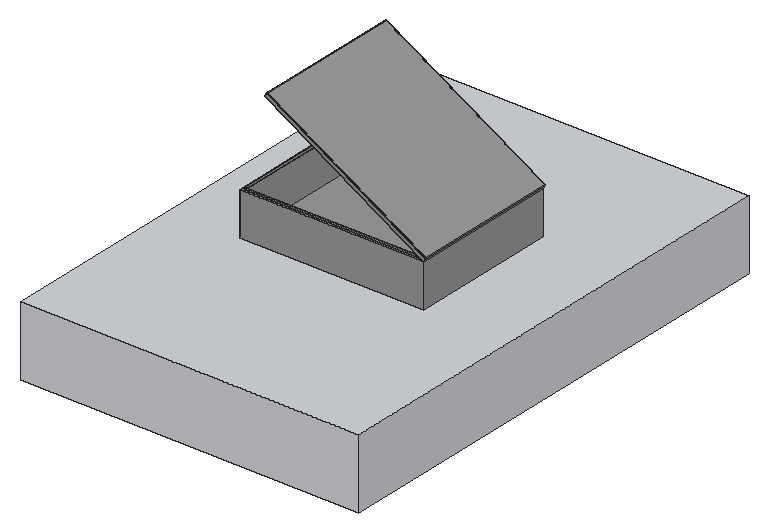
Revit family "Hager-Univers-IP44-D205-H650-Cl.I-encl-NL-en", category Equipement électrique, Revit 2020
Family settings
  Hôte = Face
  Configuration du panneau = Deux colonnes, circuits au sein
  Cote de connecteur circulaire = Utiliser le diamètre
  Type d'élément = Tableau de raccordement
  Couper avec des vides une fois chargée = Non
  Partagée = Non
  Point de calcul de pièce = Non
Parameters (values of type "Surface mounted (plaster) IP44 W800 H650 D205  - FP43QT")
  Width Control [instance] = if([EF000008 - Width] > Min Width, [EF000008 - Width], Min Width)  # 800 mm
  Commentaires du type = [HG000003 - Range]  # "Univers"
  Thickness Door [instance] = if([EF009171 - Material plate thickness door/cover] > 3 mm, 3 mm, [EF009171 - Material plate thickness door/cover])  # 1 mm
  Seal Frame Offset [instance] = 17 mm  # constant formula
  Plinth Visibility [instance] = [HG000027 - Plinth height] > 0 mm  # no
  Model = ""
  Min Width [instance] = 100 mm  # constant formula
  Min Height [instance] = 100 mm  # constant formula
  Min Depth [instance] = (2 * [EF009170 - Material plate thickness cabinet]) + 1 mm  # 3 mm
  Internal Frame Depth [instance] = (Door System Depth * 0.5)  # 9 mm
  Height Control [instance] = if([EF000040 - Height] > Min Height, [EF000040 - Height], Min Height)  # 650 mm
  HG000027 - Plinth height = 0 mm
  HG000026 - Floor standing = no
  HG000024 - Bottom section height = 800 mm
  HG000023 - Double section enclosure = no
  HG000016 - Door 3d visibility [instance] = yes
  HG000015 - Clearance visibility [instance] = no
  HG000014 - Door on the right [instance] = yes
  HG000013 - Door on the left [instance] = not([HG000014 - Door on the right])  # no
  HG000012 - Door swing angle [instance] = 30.00°
  HG000010 - Asymmetric doors = no
  HG000009 - Double swing door = no
  HG000006 - Flush mounted = no
  HG000004 - Manufacturer reference = "FP43QT"
  HG000003 - Range = "Univers"
  HG000002 - With door or cover = yes
  Frame Offset Bottom [instance] = 10 mm  # constant formula
  Frame Offset [instance] = 15 mm  # constant formula
  EF015940 - Cover with overpressure release = no
  EF011959 - Degree of protection (NEMA) = ""
  EF009554 - Number of openings for flange plates = 6
  EF009212 - Cover model = "EV000116 - Closed"
  EF009171 - Material plate thickness door/cover = 1 mm
  EF009170 - Material plate thickness cabinet = 1 mm
  Fabricant = "Hager"  # constant formula
  EF008873 - Nominal current (In) = 250 A
  EF007800 - Suitable for lightning protection = no
  EF006306 - With lock = no
  EF006244 - Transparent cover/door = no
  EF005474 - Degree of protection (IP) = "EV006418 - IP44"
  EF004464 - Type of door = "EV002646 - Single"
  EF004427 - Number of modules = 144
  EF004293 - Impact strength = "EV006815 - IK09"
  EF003532 - Suitable for outdoor use = no
  EF002950 - Width in number of modular spacings = 36
  EF001613 - Circuit integrity = "EV000494 - None"
  EF001596 - Material housing = "EV000179 - Steel"
  EF001131 - Internal depth = 205 mm
  EF001088 - Extension possible = yes
  EF000437 - Number of conduit inlets = 6
  EF000339 - Type of cover = "EV001012 - Cover"
  EF000266 - Number of rows = 4
  EF000218 - Built-in depth = 0 mm
  EF000118 - With mounting plate = no
  EF000116 - RAL-number = "9010"
  EF000049 - Depth = 205 mm
  EF000040 - Height = 650 mm
  EF000008 - Width = 800 mm
  EF000007 - Colour = "EV000202 - White"
  EF000003 - Mounting method = "EV000384 - Surface mounted (plaster)"
  Door System Leaf Tolerance [instance] = 1.5 mm  # constant formula
  Door System Depth [instance] = 18 mm  # constant formula
  Door Height [instance] = Height Control - [HG000027 - Plinth height]  # 650 mm
  Depth Control [instance] = if([EF000049 - Depth] > Min Depth, [EF000049 - Depth], Min Depth)  # 205 mm
  Default Elevation = 0 mm
  Connector Offset [instance] = Height Control / 2  # 325 mm
  Bottom Top Plate Trim [instance] = 1.5 mm  # constant formula
  Plinth height Ctrl [instance] = if([HG000027 - Plinth height] > 0 mm, [HG000027 - Plinth height], 12 mm)  # 12 mm
Types (4, lengths in mm): name | Width Control | HG000004 - Manufacturer reference | EF009554 - Number of openings for flange plates | EF004464 - Type of door | EF004427 - Number of modules | EF002950 - Width in number of modular spacings | EF000437 - Number of conduit inlets | EF000008 - Width
  Surface mounted (plaster) IP44 W1300 H650 D205  - FP45QT | 1300 | "FP45QT" | 10 | "EV003602 - Double" | 240 | 60 | 10 | 1300
  Surface mounted (plaster) IP44 W300 H650 D205  - FP41QT | 300 | "FP41QT" | 2 | "EV002646 - Single" | 48 | 12 | 2 | 300
  Surface mounted (plaster) IP44 W550 H650 D205  - FP42QT | 550 | "FP42QT" | 4 | "EV002646 - Single" | 96 | 24 | 4 | 550
  Surface mounted (plaster) IP44 W800 H650 D205  - FP43QT | 800 | "FP43QT" | 6 | "EV002646 - Single" | 144 | 36 | 6 | 800
Reference planes
  plane 1 "Center (Front/Back)": y = 0
  plane 2: z = 0
  plane 3 "Center (Left/Right)": x = 0
  plane 4: z = 205
  plane 5: y = 1
  plane 6: y = 325
  plane 7: y = 0
  plane 8: y = 650
  plane 9: z = 0
  plane 10: x = -385
  plane 11: x = 385
  plane 12: x = 384
  plane 13: x = -384
  plane 14: y = 649
  plane 15: x = -383
  plane 16: x = -400
  plane 17: x = 383
  plane 18: x = 400
  plane 19: x = 399
  plane 20: x = -399
  plane 21: y = 11
  plane 22: y = 650
  plane 23: y = 634
  plane 24: z = 187
  plane 25: z = 1
  plane 26: z = 186
  plane 27: z = 204
Forms (mm)
  Extrusion 1, solid
    sketch origin (0, 0, 0) x (1, 0, 0) y (0, 1, 0)
      loop
        line (-702.964, 1305) -> (-702.964, -811.445) -> (766.763, -811.445) -> (766.763, 1305) -> (-702.964, 1305)
    from 0 to -304.8
  Extrusion 2, solid, material "Hager_Steel_RAL7035_Light_Grey", visible <- "Plinth Visibility", detail levels medium+fine
    sketch origin (0, 0, 0) x (1, 0, 0) y (0, 1, 0)
      loop
        line (-400, 0) -> (400, 0) -> (400, 12) -> (-400, 12) -> (-400, 0)
    from 0 to 187
  Extrusion 3, solid, material "Hager_Steel_RAL7035_Light_Grey", detail levels medium+fine
    sketch origin (0, 0, 0) x (1, 0, 0) y (0, 1, 0)
      loop
        line (-400, 0) -> (400, 0) -> (400, 650) -> (-400, 650) -> (-400, 0)
    from 0 to 187
  Extrusion 4, void
    sketch origin (0, 0, 0) x (1, 0, 0) y (0, 1, 0)
      loop
        line (-399, 1) -> (399, 1) -> (399, 649) -> (-399, 649) -> (-399, 1)
    from 1 to 186
  Extrusion 5, void
    sketch origin (-381.607, -4572, 187) x (0, -1, 0) y (-1, 0, 0)
      loop
        line (-4583, 2.393) -> (-5206, 2.393) -> (-5206, -765.607) -> (-4583, -765.607) -> (-4583, 2.393)
    from 0 to 1 <- "EF009170 - Material plate thickness cabinet"
  Extrusion 6, solid, material "Hager_Steel_RAL7035_Light_Grey", detail levels fine
    sketch origin (0, 0, 187) x (1, 0, 0) y (0, 1, 0)
      loop
        line (-384, 634) -> (-384, 11) -> (384, 11) -> (384, 634) -> (-384, 634)
      loop
        line (-385, 10) -> (385, 10) -> (385, 635) -> (-385, 635) -> (-385, 10)
    from 0 to 9 <- "Internal Frame Depth"
  Extrusion 7, solid, material "Hager_Steel_RAL7035_Light_Grey", detail levels coarse
    sketch origin (0, 0, 0) x (1, 0, 0) y (0, 1, 0)
      loop
        line (-400, 0) -> (400, 0) -> (400, 650) -> (-400, 650) -> (-400, 0)
    from 0 to 205
  Sweep 8, void
    path in 3D
      loop
        line (-400, 12, 0) -> (400, 12, 0) -> (400, 12, 187) -> (-400, 12, 187) -> (-400, 12, 0)
    profile origin (-400, 12, 93.5) x (-1, 0, 0) y (0, -1, 0)
      loop
        line (0, 0) -> (0, 1.5) -> (-1.5, 1.5)
        arc (-1.5, 1.5) -> (-1.061, 0.439) -> (0, 0) r 1.5
Cuts and joins
  Extrusion 4, Extrusion 5 cuts Extrusion 3
  Sweep 8 cuts Extrusion 2
Lines and regions (mm)
  Masking region 1
    outline origin (0, 0, 0) x (1, 0, 0) y (0, 0, 1)
      loop
        line (-400, 205) -> (-400, 0) -> (400, 0) -> (400, 205) -> (-400, 205)
  Masking region 2, detail levels medium+fine
    outline origin (0, 140, 0) x (0, 1, 0) y (0, 0, 1)
      loop
        line (-140, 0) -> (510, 0) -> (510, 187) -> (-140, 187) -> (-140, 0)
  Masking region 3, not visible, detail levels medium+fine
    outline origin (0, 297.922, 0) x (0, 1, 0) y (0, 0, 1)
      loop
        line (38.578, 0) -> (78.578, 0) -> (78.578, 194)
        arc (78.578, 194) -> (75.649, 201.071) -> (68.578, 204) r 10
        line (68.578, 204) -> (38.578, 204) -> (38.578, 0)
  Masking region 4, detail levels coarse
    outline origin (0, 0, 180) x (0, 1, 0) y (0, 0, 1)
      loop
        line (0, -180) -> (650, -180) -> (650, 25) -> (0, 25) -> (0, -180)
  Masking region 5, visible <- "Plinth Visibility", detail levels medium+fine
    outline origin (0, 52.24, 12.345) x (0, 0, -1) y (0, 1, 0)
      loop
        line (10.845, -40.24) -> (-173.155, -40.24)
        arc (-173.155, -40.24) -> (-173.594, -41.301) -> (-174.655, -41.74) r 1.5
        line (-174.655, -41.74) -> (-174.655, -52.24) -> (12.345, -52.24) -> (12.345, -41.74)
        arc (12.345, -41.74) -> (11.285, -41.301) -> (10.845, -40.24) r 1.5
  Masking region 6, detail levels medium+fine
    outline origin (-381.607, -4572, 187) x (-1, 0, 0) y (0, -1, 0)
      loop
        line (18.393, -5222) -> (18.393, -4572) -> (-781.607, -4572) -> (-781.607, -5222) -> (18.393, -5222)
  Masking region 7, visible <- "Plinth Visibility", detail levels medium+fine
    outline origin (-381.607, -4727, 187) x (-1, 0, 0) y (0, -1, 0)
      loop
        arc (16.893, -4739) -> (17.332, -4737.939) -> (18.393, -4737.5) r 1.5
        line (18.393, -4737.5) -> (18.393, -4727) -> (-781.607, -4727) -> (-781.607, -4737.5)
        arc (-781.607, -4737.5) -> (-780.546, -4737.939) -> (-780.107, -4739) r 1.5
        line (-780.107, -4739) -> (16.893, -4739)
  Masking region 8, detail levels coarse
    outline origin (-442.548, -4669.526, 187) x (-1, 0, 0) y (0, -1, 0)
      loop
        line (-42.548, -5319.526) -> (-42.548, -4669.526) -> (-842.548, -4669.526) -> (-842.548, -5319.526) -> (-42.548, -5319.526)
  sketch lines
    curve 1: line (-400, 12, 187) -> (-400, 12, 0)
    curve 2: line (400, 12, 187) -> (-400, 12, 187)
    curve 3: line (400, 12, 187) -> (400, 12, 0)
    curve 4: line (-400, 12, 0) -> (400, 12, 0)
Dimensions and locks
  "Depth Control": plane 4 to Extrusion 1
  "HG000027 - Plinth height": plane 1 "Center (Front/Back)" to plane 7
  "EF009170 - Material plate thickness cabinet": plane 5 to plane 7
  locked: connector elem to plane 3 "Center (Left/Right)"
  equal spacing: plane 8, plane 6, plane 7
  locked: connector elem to plane 6
  "EF009170 - Material plate thickness cabinet": plane 8 to plane 14
  "EF009170 - Material plate thickness cabinet": plane 10 to plane 13
  "EF009170 - Material plate thickness cabinet": plane 12 to plane 11
  "Frame Offset": plane 20 to plane 13
  "Frame Offset": plane 12 to plane 19
  "EF009170 - Material plate thickness cabinet": plane 16 to plane 20
  "EF009170 - Material plate thickness cabinet": plane 19 to plane 18
  "Seal Frame Offset": plane 16 to plane 15
  "Seal Frame Offset": plane 17 to plane 18
  "Frame Offset Bottom": plane 21 to plane 5
  "Frame Offset": plane 14 to plane 23
  equal spacing: plane 16, plane 3 "Center (Left/Right)", plane 18
  "Width Control": plane 16 to plane 18
  "EF009170 - Material plate thickness cabinet": plane 4 to plane 27
  "EF009170 - Material plate thickness cabinet": plane 24 to plane 26
  "EF009170 - Material plate thickness cabinet": plane 25 to level
  "Door System Depth": plane 4 to plane 24
  "Height Control": plane 1 "Center (Front/Back)" to Extrusion 7 sketch curve
  "Height Control": Masking region 4 sketch curve to plane 1 "Center (Front/Back)"
  "Height Control": plane 1 "Center (Front/Back)" to plane 22
  "Bottom Top Plate Trim": profile plane to Sweep 8 sketch curve
  "Bottom Top Plate Trim": Sweep 8 sketch curve to profile plane
  "Plinth height Ctrl": plane 1 "Center (Front/Back)" to Extrusion 2 sketch curve
  "Plinth height Ctrl": Masking region 5 sketch curve to plane 1 "Center (Front/Back)"
  "Plinth height Ctrl": plane 1 "Center (Front/Back)" to Masking region 7 sketch curve
  "Thickness Door": Extrusion 6 sketch curve to Extrusion 6 sketch curve  (x3)
  "Thickness Door": cut or joined group of Extrusion 3, Extrusion 4, Extrusion 5 to Extrusion 6 sketch curve
  radius of Masking region 3 sketch curve = 10 mm
  "Bottom Top Plate Trim": radius of Masking region 5 sketch curve  (x2)
  "Bottom Top Plate Trim": radius of Sweep 8 sketch curve
  "Bottom Top Plate Trim": radius of Masking region 7 sketch curve  (x2)
  aligned and locked: plane 2 to Extrusion 1
  aligned and locked: level to Extrusion 1
  aligned and locked: level to Masking region 1 sketch curve
  aligned and locked: Masking region 1 sketch curve to plane 18
  aligned and locked: Masking region 1 sketch curve to plane 16
  aligned and locked: plane 7 to Masking region 2 sketch curve
  aligned and locked: level to Masking region 3 sketch curve
  aligned and locked: Masking region 3 sketch curve to plane 27
  aligned and locked: level to Masking region 2 sketch curve
  aligned and locked: plane 1 "Center (Front/Back)" to Extrusion 2 sketch curve
  aligned and locked: Extrusion 3 sketch curve to plane 7
  aligned and locked: plane 16 to Extrusion 3 sketch curve
  aligned and locked: plane 18 to Extrusion 3 sketch curve
  aligned and locked: plane 20 to Extrusion 4 sketch curve
  aligned and locked: plane 19 to Extrusion 4 sketch curve
  aligned and locked: Extrusion 4 sketch curve to plane 5
  aligned and locked: Extrusion 4 to plane 25
  aligned and locked: plane 26 to Extrusion 4
  aligned and locked: plane 24 to Extrusion 3
  aligned and locked: Extrusion 5 sketch curve to plane 21
  aligned and locked: Extrusion 5 sketch curve to plane 13
  aligned and locked: Extrusion 5 sketch curve to plane 12
  aligned and locked: plane 18 to Extrusion 7 sketch curve
  aligned and locked: plane 1 "Center (Front/Back)" to Extrusion 7 sketch curve
  aligned and locked: plane 16 to Extrusion 7 sketch curve
  aligned and locked: plane 4 to Extrusion 7
  aligned and locked: Extrusion 7 to level
  aligned and locked: level to Masking region 4 sketch curve
  aligned and locked: Masking region 4 sketch curve to plane 1 "Center (Front/Back)"
  aligned and locked: Masking region 4 sketch curve to plane 4
  aligned and locked: nested 1 to level
  aligned and locked: nested 1 to plane 16
  aligned and locked: plane 8 to Extrusion 3 sketch curve
  aligned and locked: plane 23 to Extrusion 5 sketch curve
  aligned and locked: plane 14 to Extrusion 4 sketch curve
  aligned and locked: Masking region 2 sketch curve to plane 8
  aligned and locked: level to Masking region 5 sketch curve
  aligned and locked: plane 16 to Extrusion 2 sketch curve
  aligned and locked: plane 18 to Extrusion 2 sketch curve
  aligned and locked: Masking region 5 sketch curve to plane 24
  aligned and locked: Masking region 2 sketch curve to plane 24
  aligned and locked: plane 24 to Extrusion 2
  aligned and locked: profile plane to Sweep 8 sketch curve  (x2)
  aligned and locked: Masking region 6 sketch curve to plane 18
  aligned and locked: Masking region 6 sketch curve to plane 22
  aligned and locked: Masking region 6 sketch curve to plane 16
  aligned and locked: plane 8 to plane 22
  aligned and locked: Masking region 6 sketch curve to plane 7
  aligned and locked: Masking region 7 sketch curve to plane 16
  aligned and locked: Masking region 7 sketch curve to plane 1 "Center (Front/Back)"
  aligned and locked: Masking region 7 sketch curve to plane 18
  aligned and locked: Masking region 8 sketch curve to plane 1 "Center (Front/Back)"
  aligned and locked: Masking region 8 sketch curve to plane 18
  aligned and locked: Masking region 8 sketch curve to plane 22
  aligned and locked: Masking region 8 sketch curve to plane 16
  aligned and locked: nested 2 to plane 7
  aligned and locked: plane 3 "Center (Left/Right)" to nested 2
  aligned and locked: nested 2 to plane 24
  aligned and locked: Extrusion 6 sketch curve to cut or joined group of Extrusion 3, Extrusion 4, Extrusion 5  (x4)
Automatic sketch dimensions
  Extrusion 1 sketch curve to Extrusion 1 sketch curve = 1469.727 mm
  Extrusion 1 sketch curve to Extrusion 1 sketch curve = 2116.445 mm
  Masking region 1 sketch curve to plane 4 = 0 mm
  plane 6 to Masking region 3 sketch curve = 11.5 mm
  Masking region 3 sketch curve to Masking region 3 sketch curve = 30 mm
  Masking region 5 sketch curve to plane 1 "Center (Front/Back)" = 0 mm
Nested families
  nested 1: "Hager_Enclosure_Symbol" at (-400, 0, 0) x (1, 0, 0) z (0, -1, 0), Height <- "Depth Control", Width <- "Width Control", type "Hager_Enclosure_Symbol"
    with Width_Ctrl 800 mm, Width 800 mm, Height_Ctrl 205 mm, Height 205 mm, A_Width_Int 13.453 mm, A_Width 161.438 mm, A_Height_Ctrl 179.375 mm, A_Height 179.375 mm
  nested 2: "EC000058_Univers_Door" at (0, 0, 187) x (1, 0, 0) z (0, 1, 0), Leaf_Tolerance <- "Door System Leaf Tolerance", Angle <- "HG000012 - Door swing angle", Door_Depth <- "Door System Depth", Door_Left <- "HG000013 - Door on the left", Transparent <- "EF006244 - Transparent cover/door", Assymetrical <- "HG000010 - Asymmetric doors", Width <- "Width Control", Clearance <- "HG000015 - Clearance visibility", Double <- "HG000009 - Double swing door", 3d_Door <- "HG000016 - Door 3d visibility", Lock_Visibility <- "EF006306 - With lock", Width_Ctrl <- "Width Control", Door_Right <- "HG000014 - Door on the right", Door <- "HG000002 - With door or cover", Height <- "Door Height", Thickness <- "Thickness Door", type "EC000058_Univers_Door", detail levels medium+fine
    with min_wh 3 mm, Width_Ctrl 800 mm, Width 800 mm, Transparent no, Thickness 1 mm, Seal_Material Hager_Rubber, Lock_Visibility no, Lock_Material Hager_Plastic_RAL9005_Jet_Black, Leaf_Width 800 mm, Leaf_Tolerance_External_Sides 0 mm, Leaf_Tolerance 1.5 mm, Leaf_Offset 0 mm, Leaf_Height 647 mm, Leaf_2_Width 800 mm, Leaf_2_Offset 400 mm, Leaf_1_Width 800 mm, Leaf_1_Offset 400 mm, Height_Ctrl 650 mm, Height 650 mm, Glass_Material Hager_Glass, Double_Clearance_Ctrl no, Double no, Door_Right_Ctrl yes, Door_Right yes, Door_Material Hager_Steel_RAL7035_Light_Grey, Door_Left_Ctrl no, Door_Left no, Door_Depth 18 mm, Door yes, Clearance_Material Hager_Clearance, Clearance_Depth 800 mm, Clearance_Ctrl no, Clearance no, Assymetrical no, Angle 30.00°, 3d_Door yes
Connectors
  electrical at (0, 325, 0)
    settings: on plane 9, index 1, voltage 0 V, apparent load 0 VA, apparent load phase1 0 VA, apparent load phase2 0 VA, apparent load phase3 0 VA, power factor 1, load classification "Other", number of poles 1, system type 30, power factor state 1, is connector primary yes, connector utility no, sub classification motor no, connector description ""
Definition of nested family "EC000058_Univers_Door"
  Parameters (values of type "EC000058_Univers_Door")
    min_wh [instance] = (2 * Thickness) + 1 mm  # 11 mm
    Width_Ctrl [instance] = 400 mm
    Width [instance] = 500 mm
    Transparent [instance] = yes
    Thickness [instance] = 5 mm
    Seal_Material [instance] = none
    Lock_Visibility [instance] = yes
    Lock_Material [instance] = none
    Leaf_Width [instance] = if((Width_Ctrl - 2 * Leaf_Tolerance_External_Sides) > 0 mm, (Width_Ctrl - 2 * Leaf_Tolerance_External_Sides), min_wh)  # 400 mm
    Leaf_Tolerance_External_Sides [instance] = 0 mm  # constant formula
    Leaf_Tolerance [instance] = 1.5 mm
    Leaf_Offset [instance] = 0 mm  # constant formula
    Leaf_Height [instance] = if((Height_Ctrl - 2 * Leaf_Tolerance) > 0 mm, (Height_Ctrl - 2 * Leaf_Tolerance), min_wh)  # 497 mm
    Leaf_2_Width [instance] = if(and(and(Double, Assymetrical), Door_Left), (Leaf_Width / 3) - (Leaf_Tolerance / 2), if(and(and(Double, Assymetrical), Door_Right), (Leaf_Width / 3) * 2 - (Leaf_Tolerance / 2), if(and(Double, not(Assymetrical)), (Leaf_Width / 2) - Leaf_Tolerance, Leaf_Width)))  # 400 mm
    Leaf_2_Offset [instance] = if(and(Double, Assymetrical), Leaf_2_Width / 2, if(and(Double, not(Assymetrical)), Leaf_Width / 4, Leaf_Width / 2))  # 200 mm
    Leaf_1_Width [instance] = if(and(and(Double, Assymetrical), Door_Right), (Leaf_Width / 3) - (Leaf_Tolerance / 2), if(and(and(Double, Assymetrical), Door_Left), (Width / 3) * 2 - (Leaf_Tolerance / 2), if(and(Double, not(Assymetrical)), (Leaf_Width / 2) - Leaf_Tolerance, Leaf_Width)))  # 400 mm
    Leaf_1_Offset [instance] = if(and(Double, Assymetrical), Leaf_1_Width / 2, if(and(Double, not(Assymetrical)), Leaf_Width / 4, Leaf_Width / 2))  # 200 mm
    Height_Ctrl [instance] = if(Height > min_wh, Height, min_wh)  # 500 mm
    Height [instance] = 500 mm
    Glass_Material [instance] = none
    Double_Clearance_Ctrl [instance] = and(Double, Clearance)  # no
    Double [instance] = no
    Door_Right_Ctrl [instance] = and(or(Door_Right, Double), Door)  # yes
    Door_Right [instance] = yes
    Door_Material [instance] = none
    Door_Left_Ctrl [instance] = and(or(Door_Left, Double), Door)  # no
    Door_Left [instance] = no
    Door_Depth [instance] = 30 mm
    Door [instance] = yes
    Default Elevation = 1219.2 mm
    Clearance_Material [instance] = none
    Clearance_Depth [instance] = if(Leaf_1_Width > Leaf_2_Width, Leaf_1_Width, Leaf_2_Width)  # 400 mm
    Clearance_Ctrl [instance] = and(not(Double), Clearance)  # yes
    Clearance [instance] = yes
    Assymetrical [instance] = yes
    Angle [instance] = 30.00°
    3d_Door [instance] = yes
  Reference planes
    plane 1 "Center (Front/Back)": y = 0
    plane 2 "Bottom": z = 0
    plane 3 "Center (Left/Right)": x = 0
    plane 4: z = 500
    plane 5: x = -200
    plane 6: x = 200
    plane 7: z = 500
    plane 8: x = -200
    plane 9: z = 0
    plane 10: x = 200
    plane 11: y = 0
    plane 12: z = 1.5
    plane 13: x = -600
    plane 14: y = -400
    plane 15: x = 600
    plane 16: x = 0
    plane 17: x = 0
    plane 18: x = -200
    plane 19: x = 200
    plane 20: z = 498.5
  Forms (mm)
    Extrusion 1, solid, material <- "Clearance_Material", visible <- "Double_Clearance_Ctrl"
      sketch origin (1200, 0, 0) x (1, 0, 0) y (0, 0, -1)
        loop
          line (-1800, -498.5) -> (-600, -498.5) -> (-600, 0) -> (-1800, 0) -> (-1800, -498.5)
      from 0 to -400
  Dimensions and locks
    equal spacing: plane 5, plane 3 "Center (Left/Right)", plane 6
    "Width_Ctrl": plane 5 to plane 6
    "Leaf_Offset": plane 5 to plane 8
    "Leaf_Offset": plane 6 to plane 10
    "Leaf_Offset": plane 9 to level
    "Leaf_Offset": plane 4 to plane 7
    "Height_Ctrl": plane 4 to level
    "Leaf_Tolerance": plane 12 to plane 9
    locked: plane 11 to plane 1 "Center (Front/Back)"
    "Leaf_1_Offset": plane 18 to plane 16
    "Leaf_2_Offset": plane 17 to plane 19
    "Leaf_1_Width": plane 13 to plane 8
    "Leaf_2_Width": plane 10 to plane 15
    "Clearance_Depth": plane 14 to plane 1 "Center (Front/Back)"
    "Leaf_Tolerance_External_Sides": plane 8 to plane 18
    "Leaf_Tolerance_External_Sides": plane 19 to plane 10
    "Leaf_Tolerance": plane 7 to plane 20
    aligned and locked: level to plane 2 "Bottom"
    aligned and locked: nested 1 to plane 16
    aligned and locked: nested 2 to plane 17
    aligned and locked: Extrusion 1 to plane 13
    aligned and locked: plane 15 to Extrusion 1
    aligned and locked: Extrusion 1 to plane 14
    aligned and locked: plane 12 to nested 1
    aligned and locked: nested 2 to plane 12
    aligned and locked: Extrusion 1 to plane 11
    aligned and locked: plane 20 to Extrusion 1
    aligned and locked: nested 2 to plane 11
    aligned and locked: nested 1 to plane 11
  Automatic sketch dimensions
    Extrusion 1 sketch curve to level = 0 mm
    plane 5 to Extrusion 1 sketch curve = 400 mm
    plane 6 to Extrusion 1 sketch curve = 400 mm
    Extrusion 1 sketch curve to plane 4 = 1.5 mm
  Nested families
    nested 1: "EC000058_Univers_Door_Leaf" at (0, 0, 1.5), Width <- "Leaf_1_Width", visible <- "Door_Left_Ctrl", Leaf_Height <- "Leaf_Height", Angle <- "Angle", 3d_Door <- "3d_Door", Transparent <- "Transparent", Clearance Material <- "Clearance_Material", Clearance <- "Clearance_Ctrl", Door_Material <- "Door_Material", Glass_Material <- "Glass_Material", Door_Depth <- "Door_Depth", Lock_Material <- "Lock_Material", Seal_Material <- "Seal_Material", Lock_Visibility <- "Lock_Visibility", Thickness <- "Thickness", type "EC000058_Univers_Door_Leaf"
      with Width 400 mm, Transparent_Glass_Offset 30 mm, Transparent_Ctrl yes, Transparent yes, Thickness 5 mm, Standard no, Seal_Material none, Seal_D2 8 mm, Seal_D1 1 mm, Offset_Internal_Frame 10 mm, Lock_Width 20 mm, Lock_Visibility_3d yes, Lock_Visibility yes, Lock_Thickness_3 3 mm, Lock_Thickness_2 1 mm, Lock_Thickness_1 3 mm, Lock_Radius_Offset_2 16 mm, Lock_Radius_Offset_1 15 mm, Lock_Radius_2 5 mm, Lock_Radius 6 mm, Lock_Offset 5 mm, Lock_Material none, Lock_Height 80 mm, Lock_Cover_Top_Offset_2d 17 mm, Lock_Cover_Height -65 mm, Leaf_Height 497 mm, Internal_Seal_Thickness 8 mm, Internal_Seal_Depth_2 4.5 mm, Internal_Frame_Depth 25 mm, Glass_Thickness -1 mm, Glass_Offset -2 mm, Glass_Material none, Door_Material none, Door_Depth 30 mm, Clearance Material none, Clearance yes, Angle_Ctrl 30.00°, Angle 30.00°, 3d_Door yes
    nested 2: "EC000058_Univers_Door_Leaf" at (0, 0, 1.5) x (-1, 0, 0) z (0, 0, 1), Width <- "Leaf_2_Width", visible <- "Door_Right_Ctrl", Leaf_Height <- "Leaf_Height", Angle <- "Angle", 3d_Door <- "3d_Door", Transparent <- "Transparent", Clearance Material <- "Clearance_Material", Clearance <- "Clearance_Ctrl", Door_Material <- "Door_Material", Glass_Material <- "Glass_Material", Door_Depth <- "Door_Depth", Lock_Material <- "Lock_Material", Seal_Material <- "Seal_Material", Lock_Visibility <- "Lock_Visibility", Thickness <- "Thickness", type "EC000058_Univers_Door_Leaf"
      with Width 400 mm, Transparent_Glass_Offset 30 mm, Transparent_Ctrl yes, Transparent yes, Thickness 5 mm, Standard no, Seal_Material none, Seal_D2 8 mm, Seal_D1 1 mm, Offset_Internal_Frame 10 mm, Lock_Width 20 mm, Lock_Visibility_3d yes, Lock_Visibility yes, Lock_Thickness_3 3 mm, Lock_Thickness_2 1 mm, Lock_Thickness_1 3 mm, Lock_Radius_Offset_2 16 mm, Lock_Radius_Offset_1 15 mm, Lock_Radius_2 5 mm, Lock_Radius 6 mm, Lock_Offset 5 mm, Lock_Material none, Lock_Height 80 mm, Lock_Cover_Top_Offset_2d 17 mm, Lock_Cover_Height -65 mm, Leaf_Height 497 mm, Internal_Seal_Thickness 8 mm, Internal_Seal_Depth_2 4.5 mm, Internal_Frame_Depth 25 mm, Glass_Thickness -1 mm, Glass_Offset -2 mm, Glass_Material none, Door_Material none, Door_Depth 30 mm, Clearance Material none, Clearance yes, Angle_Ctrl 30.00°, Angle 30.00°, 3d_Door yes
  Definition of nested family "EC000058_Univers_Door_Leaf"
    Parameters (values of type "EC000058_Univers_Door_Leaf")
      Width [instance] = 2000 mm
      Transparent_Glass_Offset [instance] = 30 mm
      Transparent_Ctrl [instance] = and(Transparent, [3d_Door])  # yes
      Transparent [instance] = yes
      Thickness [instance] = 5 mm
      Standard [instance] = and(not(Transparent), [3d_Door])  # no
      Seal_Material [instance] = none
      Seal_D2 [instance] = 8 mm  # constant formula
      Seal_D1 [instance] = 1 mm  # constant formula
      Offset_Internal_Frame [instance] = 10 mm  # constant formula
      Lock_Width [instance] = 20 mm  # constant formula
      Lock_Visibility_3d [instance] = and(Lock_Visibility, [3d_Door])  # yes
      Lock_Visibility [instance] = yes
      Lock_Thickness_3 [instance] = 3 mm  # constant formula
      Lock_Thickness_2 [instance] = 1 mm  # constant formula
      Lock_Thickness_1 [instance] = 3 mm  # constant formula
      Lock_Radius_Offset_2 [instance] = Lock_Radius_Offset_1 + 1 mm  # 16 mm
      Lock_Radius_Offset_1 [instance] = 15 mm  # constant formula
      Lock_Radius_2 [instance] = Lock_Radius - 1 mm  # 5 mm
      Lock_Radius [instance] = 6 mm  # constant formula
      Lock_Offset [instance] = 5 mm  # constant formula
      Lock_Material [instance] = none
      Lock_Height [instance] = 80 mm  # constant formula
      Lock_Cover_Top_Offset_2d [instance] = Lock_Radius_Offset_2 + 1 mm  # 17 mm
      Lock_Cover_Height [instance] = -(Lock_Height - Lock_Radius_Offset_1)  # -65 mm
      Leaf_Height [instance] = 2720.336 mm
      Internal_Seal_Thickness [instance] = 8 mm  # constant formula
      Internal_Seal_Depth_2 [instance] = 4.5 mm  # constant formula
      Internal_Frame_Depth [instance] = if(Door_Depth - Thickness > 5 mm, Door_Depth - Thickness, 5 mm)  # 25 mm
      Glass_Thickness [instance] = if(Thickness > 15 mm, Glass_Offset + 10 mm, -1 mm)  # -1 mm
      Glass_Offset [instance] = if(Thickness > 15 mm, -(Thickness + 10 mm) / 2, -2 mm)  # -2 mm
      Glass_Material [instance] = none
      Door_Material [instance] = none
      Door_Depth [instance] = 30 mm
      Default Elevation = 0 mm
      Clearance Material [instance] = none
      Clearance [instance] = yes
      Angle_Ctrl [instance] = if(Angle > 180.00°, 180.00°, Angle)  # 90.00°
      Angle [instance] = 90.00°
      3d_Door [instance] = yes
    Reference planes
      plane 1 "Center (Front/Back)": y = 0
      plane 2: z = 0
      plane 3 "Center (Left/Right)": x = 0
      plane 4: y = 2000
      plane 5: x = -1000
      plane 6: x = 1000
      plane 7: x = -3000
      plane 8: z = 2720.336
      plane 9: z = 30
      plane 10: z = 2690.336
      plane 11: x = 970
      plane 12: x = -970
      plane 13: y = -3
      plane 14: z = 107.833
      plane 15: y = -5
      plane 16: y = -223.314
      plane 17: x = -1000
      plane 18: z = 1360.168
      plane 19: y = 30
    Forms (mm)
      Extrusion 1, solid, material <- "Clearance Material", visible <- "Clearance"
        sketch origin (0, 0, 0) x (1, 0, 0) y (0, 0, 1)
          loop
            line (-3000, 2720.336) -> (-3000, 0) -> (1000, 0) -> (1000, 2720.336) -> (-3000, 2720.336)
        from 0 to -2000
      Extrusion 2, solid, material <- "Door_Material", visible <- "Standard", detail levels medium+fine
        sketch origin (-1000, 0, 0) x (0, 1, 0) y (-1, 0, 0)
          loop
            line (0, 30) -> (0, 25) -> (2000, 25) -> (2000, 30) -> (0, 30)
        from 0 to 2720.336 <- "Leaf_Height"
      Extrusion 3, solid, material <- "Door_Material", visible <- "Transparent_Ctrl", detail levels medium+fine
        sketch origin (-1000, 0, 0) x (0, 1, 0) y (-1, 0, 0)
          loop
            line (0, 25) -> (2000, 25) -> (2000, 30) -> (0, 30) -> (0, 25)
        from 0 to 2720.336 <- "Leaf_Height"
      Extrusion 4, void
        sketch origin (-1025, 2000, 0) x (0, 1, 0) y (0, 0, -1)
          loop
            line (-30, -2690.336) -> (-30, -30) -> (-1970, -30) -> (-1970, -2690.336) -> (-30, -2690.336)
        from 0 to 5 <- "Thickness"
      Sweep 5, solid, material <- "Seal_Material", visible <- "Transparent_Ctrl", detail levels fine
        path in 3D
          loop
            line (-1025, 30, 30) -> (-1025, 30, 2690.336) -> (-1025, 1970, 2690.336) -> (-1025, 1970, 30) -> (-1025, 30, 30)
        profile origin (-1025, 1000, 30) x (1, 0, 0) y (0, 0, 1)
          loop
            line (0, 0) -> (0, -8) -> (1, -8) -> (1, 0) -> (0, 0)
      Extrusion 6, solid, material <- "Glass_Material", visible <- "Transparent_Ctrl", detail levels medium+fine
        sketch origin (-1030, 0, 0) x (0, 1, 0) y (0, 0, -1)
          loop
            line (1970, -2690.336) -> (1970, -30) -> (30, -30) -> (30, -2690.336) -> (1970, -2690.336)
        from -2 <- "Glass_Offset" to -1 <- "Glass_Thickness"
      Extrusion 7, solid, material <- "Door_Material", visible <- "3d_Door", detail levels medium+fine
        sketch origin (-1025, 2000, 0) x (0, -1, 0) y (0, 0, -1)
          loop
            line (0, -2720.336) -> (2000, -2720.336) -> (2000, 0) -> (0, 0) -> (0, -2720.336)
          loop
            line (1995, -5) -> (5, -5) -> (5, -2715.336) -> (1995, -2715.336) -> (1995, -5)
        from 0 to 25 <- "Internal_Frame_Depth"
      Sweep 8, solid, material <- "Seal_Material", visible <- "Transparent_Ctrl", detail levels fine
        path in 3D
          loop
            line (-1025, 0, 0) -> (-1025, 2000, 0) -> (-1025, 2000, 2720.336) -> (-1025, 0, 2720.336) -> (-1025, 0, 0)
        profile origin (-1025, 0, 1360.168) x (1, 0, 0) y (0, 1, 0)
          loop
            line (0, 10) -> (2.975, 10)
            arc (2.975, 10) -> (4.053, 10.447) -> (4.5, 11.525) r 1.525
            line (4.5, 11.525) -> (4.5, 16.527)
            arc (4.5, 16.527) -> (4.069, 17.569) -> (3.027, 18) r 1.473
            line (3.027, 18) -> (0, 18) -> (0, 10)
      Extrusion 9, solid, material <- "Lock_Material", visible <- "Lock_Visibility_3d", detail levels fine
        sketch origin (-1030, 0, 0) x (0, 1, 0) y (0, 0, -1)
          loop
            arc (1993.5, -1400.168) -> (1994.561, -1399.729) -> (1995, -1398.668) r 1.5
            line (1995, -1398.668) -> (1995, -1320.168) -> (1975, -1320.168) -> (1975, -1398.668)
            arc (1975, -1398.668) -> (1975.439, -1399.729) -> (1976.5, -1400.168) r 1.5
            line (1976.5, -1400.168) -> (1993.5, -1400.168)
        from 3 <- "Lock_Thickness_1" to 0
      Blend 10, solid, material <- "Lock_Material", visible <- "Lock_Visibility_3d", detail levels fine
        base sketch origin (-1033, 0, 0) x (0, 1, 0) y (0, 0, -1)
          loop
            line (1975, -1320.168) -> (1975, -1398.668)
            arc (1975, -1398.668) -> (1975.439, -1399.729) -> (1976.5, -1400.168) r 1.5
            line (1976.5, -1400.168) -> (1993.5, -1400.168)
            arc (1993.5, -1400.168) -> (1994.561, -1399.729) -> (1995, -1398.668) r 1.5
            line (1995, -1398.668) -> (1995, -1320.168) -> (1975, -1320.168)
        top sketch origin (-1033, 0, 0) x (0, 1, 0) y (0, 0, -1)
          loop
            line (1976, -1320.168) -> (1976, -1398.668)
            arc (1976, -1398.668) -> (1976.146, -1399.022) -> (1976.5, -1399.168) r 0.5
            line (1976.5, -1399.168) -> (1993.5, -1399.168)
            arc (1993.5, -1399.168) -> (1993.854, -1399.022) -> (1994, -1398.668) r 0.5
            line (1994, -1398.668) -> (1994, -1320.168) -> (1976, -1320.168)
        from 0 to 1 <- "Lock_Thickness_2"
      Blend 11, solid, material <- "Lock_Material", visible <- "Lock_Visibility_3d", detail levels fine
        base sketch origin (-1034, 0, 0) x (0, 1, 0) y (0, 0, -1)
          loop
            line (1978, -1320.168) -> (1978, -1384.168)
            arc (1978, -1384.168) -> (1985, -1391.168) -> (1992, -1384.168) r 7
            line (1992, -1384.168) -> (1992, -1320.168) -> (1978, -1320.168)
        top sketch origin (-1034, 0, 0) x (0, 1, 0) y (0, 0, -1)
          loop
            line (1991, -1320.168) -> (1979, -1320.168) -> (1979, -1383.168)
            arc (1979, -1383.168) -> (1985, -1389.168) -> (1991, -1383.168) r 6
            line (1991, -1383.168) -> (1991, -1320.168)
        from 0 to 3 <- "Lock_Thickness_3"
      Extrusion 12, solid, material <- "Lock_Material", visible <- "Lock_Visibility_3d", detail levels fine
        sketch origin (-1030, 1975, 1320.168) x (1, 0, 0) y (0, -1, 0)
          loop
            line (-7, -19) -> (-7, -1) -> (0, -1) -> (0, 0) -> (-8, 0) -> (-8, -20) -> (0, -20) -> (0, -19) -> (-7, -19)
        from 0 to -65 <- "Lock_Cover_Height"
      Extrusion 13, void
        sketch origin (-1038, 1995, 1320.168) x (-1, 0, 0) y (0, 0, -1)
          loop
            line (-5, -65) -> (0, -65) -> (-5, -60) -> (-5, -65)
        from 0 to 20 <- "Lock_Width"
      Extrusion 14, void
        sketch origin (-1038, 1975, 1320.168) x (0, -1, 0) y (0, 0, -1)
          loop
            circle (-10, -15.995) r 6
          loop
            circle (-10, -15.995) r 5
        from 0 to 2
      Extrusion 15, solid, material <- "Lock_Material", visible <- "Lock_Visibility_3d", detail levels medium
        sketch origin (-1030, 0, 0) x (0, 1, 0) y (0, 0, -1)
          loop
            arc (1993.5, -1400.168) -> (1994.561, -1399.729) -> (1995, -1398.668) r 1.5
            line (1995, -1398.668) -> (1995, -1320.168) -> (1975, -1320.168) -> (1975, -1398.668)
            arc (1975, -1398.668) -> (1975.439, -1399.729) -> (1976.5, -1400.168) r 1.5
            line (1976.5, -1400.168) -> (1993.5, -1400.168)
        from 8 to 0
    Cuts and joins
      Extrusion 4 cuts Extrusion 3
      Extrusion 13, Extrusion 14 cuts Extrusion 9
      Extrusion 14 cuts Blend 11
      Extrusion 13, Extrusion 14 cuts Extrusion 12
      joined: Extrusion 9, Blend 10, Blend 11, Extrusion 12
      Extrusion 14 cuts Extrusion 15
    Lines and regions (mm)
      Masking region 1, visible <- "Lock_Visibility", detail levels fine
        outline origin (0, 0, 0) x (0, 1, 0) y (0, 0, 1)
          loop
            line (30, 1320.168) -> (33, 1320.168) -> (33, 1400.168) -> (30, 1400.168) -> (30, 1320.168)
      Masking region 2, visible <- "Lock_Visibility", detail levels fine
        outline origin (0, 3.143, 0) x (0, 1, 0) y (0, 0, 1)
          loop
            line (29.857, 1354.168) -> (30.857, 1354.168) -> (30.857, 1366.168) -> (29.857, 1366.168) -> (29.857, 1354.168)
      Masking region 3, detail levels medium+fine
        outline origin (0, 0, 0) x (0, 1, 0) y (0, 0, 1)
          loop
            line (0, 0) -> (30, 0) -> (30, 2720.336) -> (0, 2720.336) -> (0, 0)
      Masking region 4, detail levels medium+fine
        outline origin (0, 0, 0) x (1, 0, 0) y (0, 0, 1)
          loop
            line (-1000, 2720.336) -> (-1000, 0) -> (1000, 0) -> (1000, 2720.336) -> (-1000, 2720.336)
      Masking region 5, visible <- "Lock_Visibility", detail levels fine
        outline origin (-47.116, 0, 0) x (1, 0, 0) y (0, 0, 1)
          loop
            arc (1024.616, 1399.168) -> (1023.556, 1398.729) -> (1023.116, 1397.668) r 1.5
            line (1023.116, 1397.668) -> (1023.116, 1320.168) -> (1041.116, 1320.168) -> (1041.116, 1397.668)
            arc (1041.116, 1397.668) -> (1040.677, 1398.729) -> (1039.616, 1399.168) r 1.5
            line (1039.616, 1399.168) -> (1024.616, 1399.168)
      Masking region 6, visible <- "Lock_Visibility", detail levels medium+fine
        outline origin (-25, 0, 0) x (1, 0, 0) y (0, 0, 1)
          loop
            arc (1001.5, 1400.168) -> (1000.439, 1399.729) -> (1000, 1398.668) r 1.5
            line (1000, 1398.668) -> (1000, 1320.168) -> (1020, 1320.168) -> (1020, 1398.668)
            arc (1020, 1398.668) -> (1019.561, 1399.729) -> (1018.5, 1400.168) r 1.5
            line (1018.5, 1400.168) -> (1001.5, 1400.168)
      Masking region 7, visible <- "Lock_Visibility", detail levels fine
        outline origin (-73.735, 0, 0) x (1, 0, 0) y (0, 0, 1)
          loop
            line (1051.735, 1382.168) -> (1065.735, 1382.168) -> (1065.735, 1384.168)
            arc (1065.735, 1384.168) -> (1058.735, 1391.168) -> (1051.735, 1384.168) r 7
            line (1051.735, 1384.168) -> (1051.735, 1382.168)
      Masking region 8, visible <- "Lock_Visibility", detail levels fine
        outline origin (-73.735, 0, 0) x (1, 0, 0) y (0, 0, 1)
          loop
            line (1052.735, 1382.168) -> (1064.735, 1382.168) -> (1064.735, 1383.168)
            arc (1064.735, 1383.168) -> (1058.735, 1389.168) -> (1052.735, 1383.168) r 6
            line (1052.735, 1383.168) -> (1052.735, 1382.168)
      Masking region 9, visible <- "Lock_Visibility", detail levels fine
        outline origin (-25, 0, 0) x (1, 0, 0) y (0, 0, 1)
          loop
            line (1020, 1320.168) -> (1020, 1382.168) -> (1000, 1382.168) -> (1000, 1320.168) -> (1020, 1320.168)
      Masking region 10, detail levels medium+fine
        outline origin (0, 0, 0) x (1, 0, 0) y (0, 0, 1)
          loop
            circle (985, 1335.144) r 6
      Masking region 11, detail levels fine
        outline origin (0, 0, 0) x (1, 0, 0) y (0, 0, 1)
          loop
            circle (985, 1335.144) r 5
      Masking region 12, visible <- "Lock_Visibility", detail levels fine
        outline origin (0, 12.767, 0) x (0, 1, 0) y (0, 0, 1)
          loop
            line (20.233, 1320.168) -> (21.233, 1320.168) -> (21.233, 1399.168) -> (20.233, 1400.168) -> (20.233, 1320.168)
      Masking region 13, visible <- "Lock_Visibility", detail levels fine
        outline origin (0, 13.767, -10) x (0, 1, 0) y (0, 0, 1)
          loop
            line (20.233, 1330.168) -> (23.233, 1330.168) -> (23.233, 1399.168) -> (20.233, 1402.168) -> (20.233, 1330.168)
      Masking region 14, visible <- "Lock_Visibility", detail levels fine
        outline origin (0, 12.767, -10) x (0, 1, 0) y (0, 0, 1)
          loop
            line (20.233, 1330.168) -> (25.233, 1330.168) -> (25.233, 1399.305) -> (20.233, 1394.305) -> (20.233, 1330.168)
      Masking region 15, visible <- "Lock_Visibility", detail levels medium
        outline origin (0, 0, 0) x (0, 1, 0) y (0, 0, 1)
          loop
            line (30, 1320.168) -> (38, 1320.168) -> (38, 1400.168) -> (30, 1400.168) -> (30, 1320.168)
      Masking region 16, visible <- "Lock_Visibility", detail levels fine
        outline origin (-1000, 0, 0) x (0, 1, 0) y (-1, 0, 0)
          loop
            line (1975, 30) -> (1995, 30) -> (1995, 38) -> (1975, 38) -> (1975, 30)
          loop
            line (1979, 37) -> (1976, 37) -> (1976, 34) -> (1978, 34) -> (1979, 37)
          loop
            line (1994, 37) -> (1991, 37) -> (1992, 34) -> (1994, 34) -> (1994, 37)
      Masking region 17, visible <- "Lock_Visibility", detail levels medium
        outline origin (-1000, 0, 0) x (0, 1, 0) y (-1, 0, 0)
          loop
            line (1975, 30) -> (1995, 30) -> (1995, 38) -> (1975, 38) -> (1975, 30)
      symbolic lines
        curve 1: line (1000, 0, 0) -> (-3000, 0, 0)
        curve 2: arc (1000, 0, 0) -> (-1000, 2000, 0) -> (-3000, 0, 0) r 2000
        curve 4: line (-1030, 0, 0) -> (-1030, 2000, 0)
      reference lines
        curve 3: line (-1000, 0, 0) -> (-1000, 2000, 0)
      symbolic lines, detail levels medium+fine
        curve 5: line (-1030, 2000, 0) -> (-1025, 2000, 0)
        curve 7: line (-1025, 0, 0) -> (-1030, 0, 0)
        curve 8: line (-1025, 0, 0) -> (-1000, 0, 0)
        curve 9: line (-1000, 0, 0) -> (-1000, 2000, 0)
        curve 10: line (-1000, 2000, 0) -> (-1025, 2000, 0)
      symbolic lines, detail levels fine
        curve 6: line (-1025, 2000, 0) -> (-1025, 0, 0)
      sketch lines
        curve 11: line (-1025, 0, 2720.336) -> (-1025, 0, 0)
        curve 12: line (-1025, 2000, 0) -> (-1025, 0, 0)
        curve 13: line (-1025, 2000, 2720.336) -> (-1025, 2000, 0)
        curve 14: line (-1025, 0, 2720.336) -> (-1025, 2000, 2720.336)
        curve 15: line (-1025, 1970, 30) -> (-1025, 30, 30)
        curve 16: line (-1025, 30, 30) -> (-1025, 30, 2690.336)
        curve 17: line (-1025, 1970, 2690.336) -> (-1025, 1970, 30)
        curve 18: line (-1025, 30, 2690.336) -> (-1025, 1970, 2690.336)
      symbolic lines, visible <- "Transparent", detail levels medium+fine
        curve 19: line (-970, 0, 2690.336) -> (970, 0, 2690.336)
        curve 20: line (-970, 0, 30) -> (-970, 0, 2690.336)
        curve 21: line (970, 0, 30) -> (-970, 0, 30)
        curve 22: line (970, 0, 2690.336) -> (970, 0, 30)
    Dimensions and locks
      "Width": plane 1 "Center (Front/Back)" to plane 4
      equal spacing: plane 5, plane 3 "Center (Left/Right)", plane 6
      "Width": plane 5 to plane 6
      "Width": plane 7 to plane 5
      "Leaf_Height": plane 8 to level
      "Width": curve 5 to curve 3
      "Width": curve 3 to curve 3
      plane 8 to plane 10 = 30 mm
      plane 9 to level = 30 mm
      plane 12 to plane 5 = 30 mm
      plane 6 to plane 11 = 30 mm
      Extrusion 1 to Extrusion 4 sketch curve = 30 mm
      "Transparent_Glass_Offset": curve 3 to Extrusion 4 sketch curve
      "Transparent_Glass_Offset": Extrusion 4 sketch curve to cut or joined group of Extrusion 3, Extrusion 4  (x2)
      cut or joined group of Extrusion 3, Extrusion 4 to Extrusion 6 sketch curve = 30 mm
      "Transparent_Glass_Offset": cut or joined group of Extrusion 3, Extrusion 4 to Extrusion 4 sketch curve
      "Thickness": curve 6 to curve 4
      "Thickness": Extrusion 7 sketch curve to Extrusion 7 sketch curve  (x4)
      "Door_Depth": curve 4 to curve 3
      "Offset_Internal_Frame": profile plane to Sweep 8 sketch curve
      "Internal_Seal_Thickness": Sweep 8 sketch curve to Sweep 8 sketch curve
      "Internal_Seal_Depth_2": profile plane to Sweep 8 sketch curve
      "Seal_D1": profile plane to Sweep 5 sketch curve
      "Seal_D2": profile plane to Sweep 5 sketch curve
      "Thickness": Extrusion 2 sketch curve to Extrusion 2 sketch curve
      equal spacing: Extrusion 9 sketch curve, plane 18, Extrusion 9 sketch curve  (x2)
      equal spacing: Masking region 1 sketch curve, plane 18, Masking region 1 sketch curve
      "Lock_Height": Masking region 1 sketch curve to Masking region 1 sketch curve
      "Lock_Radius": Masking region 2 sketch curve to plane 18 to Masking region 2 sketch curve
      Masking region 2 sketch curve to Masking region 1 = 1 mm
      "Door_Depth": plane 19 to plane 1 "Center (Front/Back)"
      "Lock_Thickness_1": Masking region 1 sketch curve to plane 19
      "Lock_Width": Extrusion 9 sketch curve to Extrusion 9 sketch curve
      "Lock_Height": Extrusion 9 sketch curve to Extrusion 9 sketch curve
      "Lock_Offset": cut or joined group of Extrusion 3, Extrusion 4 to Extrusion 9 sketch curve
      equal spacing: plane 8, plane 18, level
      "Lock_Radius_Offset_1": Blend 11 sketch curve to Blend 10
      locked: Blend 10 to Blend 11 sketch curve at 2  (x2)
      locked: var sketch to Blend 11 sketch curve at 1  (x2)
      "Lock_Radius_Offset_2": Blend 11 sketch curve to Blend 10
      locked: Extrusion 12 sketch curve to Extrusion 12 sketch curve at 1  (x3)
      Masking region 6 sketch curve to Masking region 6 sketch curve = 80 mm
      "Lock_Height": Masking region 6 sketch curve to Masking region 6 sketch curve
      "Lock_Width": Masking region 6 sketch curve to Masking region 6 sketch curve
      locked: Masking region 6 to Masking region 5 sketch curve at 1  (x3)
      locked: Masking region 5 to Masking region 7 sketch curve at 2  (x2)
      "Lock_Radius_Offset_1": Masking region 5 to Masking region 7 sketch curve
      "Lock_Radius_Offset_2": Masking region 5 to Masking region 8 sketch curve
      locked: Masking region 7 to Masking region 8 sketch curve at 1  (x2)
      "Lock_Cover_Top_Offset_2d": Masking region 5 to Masking region 9 sketch curve
      equal spacing: Masking region 9, Masking region 10 sketch curve, Masking region 9
      equal spacing: Masking region 9, Masking region 11 sketch curve, Masking region 9
      Extrusion 15 sketch curve to Extrusion 15 sketch curve = 80 mm
      "Lock_Width": Extrusion 15 sketch curve to Extrusion 15 sketch curve
      "Lock_Height": Extrusion 15 sketch curve to Extrusion 15 sketch curve
      equal spacing: Extrusion 15 sketch curve, plane 18, Extrusion 15 sketch curve
      "Lock_Thickness_3": Masking region 13 sketch curve to Masking region 13 sketch curve
      "Lock_Height": Masking region 12 sketch curve to Masking region 12 sketch curve
      locked: Masking region 13 sketch curve to Masking region 1 at 8
      locked: Masking region 14 sketch curve to Masking region 13 at 1
      locked: Masking region 14 sketch curve to Masking region 1 at 10.863
      "Lock_Height": Masking region 15 sketch curve to Masking region 15 sketch curve
      "Lock_Offset": Extrusion 15 sketch curve to cut or joined group of Extrusion 3, Extrusion 4
      "Lock_Offset": plane 6 to Masking region 6 sketch curve
      radius of Sweep 8 sketch curve = 1.525 mm
      radius of Sweep 8 sketch curve = 1.473 mm
      radius of Extrusion 9 sketch curve = 1.5 mm  (x2)
      "Lock_Radius": radius of Extrusion 14 sketch curve
      "Lock_Radius_2": radius of Extrusion 14 sketch curve
      "Lock_Radius": radius of Masking region 10 sketch curve
      "Lock_Radius_2": radius of Masking region 11 sketch curve
      radius of Extrusion 15 sketch curve = 1.5 mm  (x2)
      "Angle_Ctrl": angle plane 1 "Center (Front/Back)" to curve 3
      locked: Masking region 12 sketch curve to Masking region 12 sketch curve (angle 45.00°)
      locked: Masking region 13 sketch curve to Masking region 13 sketch curve (angle 45.00°)
      locked: Masking region 14 sketch curve to Masking region 14 sketch curve (angle 45.00°)
      aligned and locked: level to plane 2
      aligned and locked: Extrusion 1 to curve 1
      aligned and locked: plane 6 to Extrusion 1
      aligned and locked: Extrusion 1 to plane 1 "Center (Front/Back)"
      aligned and locked: plane 4 to Extrusion 1
      aligned and locked: plane 8 to Extrusion 1
      aligned and locked: curve 7 to Extrusion 2 sketch curve
      aligned and locked: curve 5 to Extrusion 2 sketch curve
      aligned and locked: curve 7 to Extrusion 3 sketch curve
      aligned and locked: Extrusion 3 sketch curve to curve 4
      aligned and locked: Extrusion 3 sketch curve to curve 6
      aligned and locked: Extrusion 3 sketch curve to curve 5
      aligned and locked: curve 9 to curve 3
      aligned and locked: Extrusion 7 sketch curve to cut or joined group of Extrusion 3, Extrusion 4  (x4)
      aligned and locked: plane 17 to curve 3
      aligned and locked: plane 1 "Center (Front/Back)" to curve 3
      aligned and locked: plane 17 to plane 5
      aligned and locked: Sweep 8 sketch curve to profile plane
      aligned and locked: Sweep 5 sketch curve to profile plane  (x2)
      aligned and locked: Masking region 1 to Masking region 2 sketch curve
      aligned and locked: plane 19 to Masking region 1 sketch curve
      aligned and locked: plane 1 "Center (Front/Back)" to Masking region 3 sketch curve
      aligned and locked: plane 19 to Masking region 3 sketch curve
      aligned and locked: level to Masking region 3 sketch curve
      aligned and locked: Masking region 3 sketch curve to plane 8
      aligned and locked: plane 17 to Masking region 4 sketch curve
      aligned and locked: level to Masking region 4 sketch curve
      aligned and locked: Masking region 4 sketch curve to plane 8
      aligned and locked: plane 12 to curve 20
      aligned and locked: plane 10 to curve 19
      aligned and locked: plane 11 to curve 22
      aligned and locked: curve 21 to plane 9
      aligned and locked: Extrusion 2 sketch curve to cut or joined group of Extrusion 3, Extrusion 4
      aligned and locked: Blend 10 sketch curve to Extrusion 9  (x4)
      aligned and locked: Extrusion 9 to Blend 10 sketch curve
      aligned and locked: Blend 10 to Blend 11 sketch curve
      aligned and locked: Extrusion 12 sketch curve to Blend 11
      aligned and locked: Extrusion 12 sketch curve to Extrusion 9  (x4)
      aligned and locked: Masking region 5 sketch curve to Masking region 6
      aligned and locked: Masking region 9 sketch curve to Masking region 6  (x3)
      aligned and locked: Masking region 12 sketch curve to Masking region 1
      aligned and locked: Masking region 13 sketch curve to Masking region 1
      aligned and locked: Masking region 12 to Masking region 14
      aligned and locked: Masking region 14 sketch curve to Masking region 1
      aligned and locked: Masking region 15 sketch curve to Masking region 14
      aligned and locked: Masking region 13 sketch curve to Masking region 12
      aligned and locked: Masking region 16 sketch curve to cut or joined group of Extrusion 14, Extrusion 15  (x4)
      aligned and locked: Masking region 16 sketch curve to cut or joined group of Extrusion 9, Blend 10, Blend 11, Extrusion 12, Extrusion 13, Extrusion 14  (x6)
      aligned and locked: cut or joined group of Extrusion 9, Blend 10, Blend 11, Extrusion 12, Extrusion 13, Extrusion 14 to Masking region 16 sketch curve
      aligned and locked: Masking region 17 sketch curve to cut or joined group of Extrusion 14, Extrusion 15  (x3)
      aligned and locked: Masking region 17 sketch curve to cut or joined group of Extrusion 9, Blend 10, Blend 11, Extrusion 12, Extrusion 13, Extrusion 14
      aligned and locked: Masking region 9 to Masking region 8 sketch curve
      aligned and locked: Masking region 9 to Masking region 7 sketch curve
    Automatic sketch dimensions
      plane 1 "Center (Front/Back)" to curve 2 = 0 mm
      curve 2 to plane 5 = 0 mm
      Extrusion 1 sketch curve to level = 0 mm
      Extrusion 1 sketch curve to plane 7 = 0 mm
      Extrusion 1 sketch curve to plane 6 = 0 mm
      Extrusion 1 sketch curve to plane 8 = 0 mm
      Extrusion 3 to Extrusion 6 sketch curve = 30 mm  (x4)
      Masking region 4 sketch curve to plane 6 = 0 mm
      Blend 10 sketch curve to Extrusion 9 = 1.5 mm
      Blend 10 sketch curve to Extrusion 9 = 1 mm
      Extrusion 13 sketch curve to Extrusion 12 = 0 mm  (x2)
      Extrusion 12 to Extrusion 13 sketch curve = 3 mm
      Extrusion 13 sketch curve to Extrusion 12 = 5 mm
      Extrusion 14 sketch curve to Extrusion 14 sketch curve = 0 mm  (x2)
      Extrusion 14 sketch curve to Extrusion 12 = 10 mm
      Extrusion 14 sketch curve to Extrusion 12 = 15.995 mm
      Masking region 5 sketch curve to Masking region 5 sketch curve = 1.5 mm  (x2)
      Masking region 10 sketch curve to plane 18 = 25.024 mm
      Masking region 11 sketch curve to plane 18 = 25.024 mm
      plane 19 to Masking region 14 sketch curve = 3 mm
      Masking region 16 sketch curve to Masking region 16 sketch curve = 3 mm
      curve 4 to curve 3 = 0 mm
      Blend 10 to Blend 11 sketch curve = 0 mm
      Masking region 6 sketch curve to Masking region 6 sketch curve = 1.5 mm  (x2)
      Masking region 6 sketch curve to plane 18 = 40 mm
      plane 19 to Masking region 12 sketch curve = 3 mm
      Masking region 12 sketch curve to Masking region 12 sketch curve = 1 mm
      Masking region 15 sketch curve to plane 19 = 0 mm
      Masking region 15 sketch curve to plane 18 = 40 mm
      radius of Blend 10 sketch curve to Extrusion 9 = 1 mm
Definition of nested family "Hager_Enclosure_Symbol"
  Parameters (values of type "Hager_Enclosure_Symbol")
    Width_Ctrl [instance] = if(Width > 1 mm, Width, 1 mm)  # 102.27 mm
    Width [instance] = 102.27 mm
    Height_Ctrl [instance] = if(Height > 1 mm, Height, 1 mm)  # 66.5 mm
    A_Width_Int [instance] = if(A_Width / 12 > 2 mm, A_Width / 12, 2 mm)  # 4.364 mm
    A_Width [instance] = if(A_Height_Ctrl * 0.9 > 2 mm, A_Height_Ctrl * 0.9, 2 mm)  # 52.369 mm
    A_Height_Ctrl [instance] = if(A_Height > 2 mm, A_Height, 2 mm)  # 58.188 mm
    Height [instance] = 66.5 mm
    A_Height [instance] = Height - (Height / 8)  # 58.188 mm
  Reference planes
    plane 1 "Centre (avant/arrière)": y = 0
    plane 2: z = 0
    plane 3 "Centre (gauche/droite)": x = 0
    plane 4: x = 52.369
    plane 5: y = 33.042
    plane 6: y = 41.77
    plane 7: y = 66.5
    plane 8: x = 26.184
    plane 9: y = 37.406
    plane 10: x = 102.27
    plane 11: y = 66.5
    plane 12: y = 8.313
  Lines and regions (mm)
    Filled region 1, type "Solid_Black", in view "Niveau de réf."
      outline origin (0, 0, 0) x (1, 0, 0) y (0, 1, 0)
        loop
          line (52.369, 66.5) -> (33.188, 54.536) -> (45.365, 45.006) -> (52.369, 66.5)
    Filled region 2, type "Solid_Black", in view "Niveau de réf."
      outline origin (0, 0, 0) x (1, 0, 0) y (0, 1, 0)
        loop
          line (0, 0) -> (102.27, 0) -> (102.27, 66.5) -> (0, 0)
    detail lines, in view "Niveau de réf."
      curve 1: line (0, 8.313, 0) -> (26.184, 41.77, 0)
      curve 2: line (26.184, 41.77, 0) -> (26.184, 33.042, 0)
      curve 3: line (26.184, 33.042, 0) -> (52.369, 66.5, 0)
  Dimensions and locks
    "A_Width": plane 3 "Centre (gauche/droite)" to plane 4
    equal spacing: plane 3 "Centre (gauche/droite)", plane 8, plane 4
    equal spacing: plane 6, plane 9, plane 5
    equal spacing: curve 3, Filled region 1 sketch curve, Filled region 1 sketch curve
    "Height_Ctrl": plane 1 "Centre (avant/arrière)" to plane 11
    "A_Height_Ctrl": plane 11 to plane 12
    equal spacing: plane 11, plane 9, plane 12
    "A_Width_Int": plane 6 to plane 9
    "Width_Ctrl": plane 3 "Centre (gauche/droite)" to plane 10
    angle Filled region 1 sketch curve to curve 3 = 20.00°
    angle curve 3 to Filled region 1 sketch curve = 20.00°
    locked: curve 3 to Filled region 1 sketch curve (angle 90.00°)
    aligned and locked: plane 10 to Filled region 2
    aligned and locked: plane 11 to Filled region 2 sketch curve
    aligned and locked: plane 10 to Filled region 2 sketch curve
    aligned and locked: plane 3 "Centre (gauche/droite)" to curve 1
    aligned and locked: plane 12 to curve 1
    aligned and locked: plane 7 to plane 11
  Automatic sketch dimensions
    Filled region 1 sketch curve to plane 4 = 0 mm
    Filled region 1 sketch curve to plane 7 = 0 mm
    plane 1 "Centre (avant/arrière)" to Filled region 2 sketch curve = 0 mm
    Filled region 2 sketch curve to plane 3 "Centre (gauche/droite)" = 0 mm
    curve 2 to plane 6 = 0 mm
    curve 2 to plane 8 = 0 mm
    curve 3 to plane 4 = 0 mm
    curve 2 to plane 5 = 0 mm
    curve 3 to plane 7 = 0 mm
